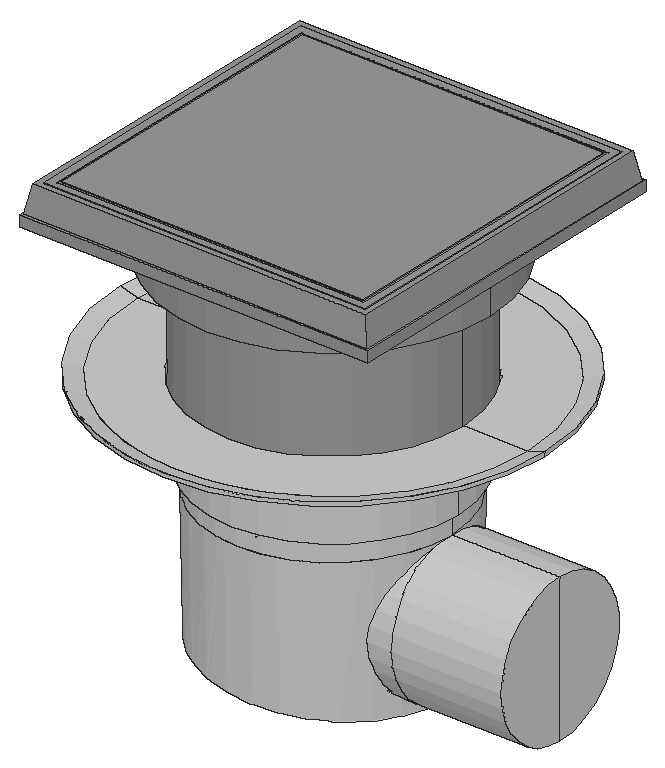
Revit family "HL_Дворовый трап серии Perfekt_HL615.1W", category Instalační zařizovací předměty, Revit 2016
Family settings
  Typ součásti = Normální
  Kóta kulaté spojky = Použít průměr
  Číslo OmniClass = 23.70.50.21.24.14
  Nadpis OmniClass = Deck Waste Water Drains
  Založené na pracovní rovině = Ne
  Vždy vertikální = Ano
  Ořezat dutým tvarem při načtení = Ne
  Sdílené = Ne
  Bod výpočtu místnosti = Ano
Parameters
  РЕШЁТКА = "Gusseisen 226 x 226 mm"
  РАЗМЕР = "DN110"
  ПРОПУСКНАЯ СПОСОБНОСТЬ [instance] = 0.0 L/s
  ПРОИЗВОДИТЕЛЬНОСТЬ = "2,5 l/s"
  ПРАВОВАЯ ИНФОРМАЦИЯ = "\"Copyright (©), design rights or any other intellectual property rights, shall be the exclusive property of HL Hutterer & Lechner GmbH. Modification is not allowed. Family has been watermarked.\""
  НОМИНАЛЬНЫЙ ДИАМЕТР = 110 mm
  НАСАДКА = "55-135mm/260x260mm Guss"
  МАТЕРИАЛ = "PP"
  МАКСИМАЛЬНАЯ НАГРУЗКА КЛАССА = "M - 12,5 t"
  ВЫСОТА МОНТАЖА = "218 mm"
  ВЕС = "12,4 kg"
  Výrobce = "HL Hutterer & Lechner GmbH"
  URL = "http://www.hutterer-lechner.com/en/products/catalog/roof-drains/HL615.1W.aspx"
  Материал плитка [instance] = none
  Připojení ventilace = no
  Připojení odpadu = yes
  Připojení HW = no
  Připojení CW = no
  Description = ""
  Model = "HL615.1W"
  Assembly Code = " "
  Type Comments = "perfect-drain DN110 horizontal with flange, 260x260mm/226x226mm cast iron with trap seal"
  Keynote = "HL615.1W"
  IH [instance] = Высота монтажа 1 + Высота монтажа 2  # 135 mm
  Высота монтажа 2 [instance] = 0 mm
  Высота монтажа 1 [instance] = 135 mm
  G [instance] = 90.00°  # constant formula
  EAN = "9003076011278"
  D [instance] = 170 mm
  C [instance] = if(IH - 68 mm < 0 mm, 0 mm, IH - 68 mm)  # 67 mm
  B [instance] = 134.4 mm + IH  # 269.4 mm
  A [instance] = if(B - 100 mm > 15 mm, B - 100 mm, 15 mm)  # 169.4 mm
Types (2, lengths in mm): name | ПРАВОВАЯ ИНФОРМАЦИЯ | URL | Description | Type Comments
  (no name) | "\"Copyright (©), design rights or any other intellectual property rights, shall be the exclusive property of HL Hutterer & Lechner GmbH. Modification is not allowed. Family has been watermarked.\"" | "http://www.hutterer-lechner.com/en/products/catalog/roof-drains/HL615.1W.aspx" | "" | "perfect-drain DN110 horizontal with flange, 260x260mm/226x226mm cast iron with trap seal"
  HL_Дворовый трап серии Perfekt_HL615.1W | "\"Авторские права(©), права на дизайн или какие либо другие права интелектуальной собственности являются исключительной собственностью компании HL Hutterer & Lechner. Изменению не подлежит. Файл семейства с данными о прозводителе изделия защищен паролем с водяным знаком.\"" | "http://www.hutterer-lechner.com/ru/products/catalog/roof-drains/HL615.1W.aspx" | "Дворовый трап серии Perfekt DN110 горизонтальный выпуск" | "Дворовый трап серии Perfekt DN110 горизонтальный с обжимным фланцем 260х260мм/226х226мм чугун с водяным затвором."
Reference planes
  plane 1 "Center (Front/Back)": y = 0
  plane 2: z = 0
  plane 3 "Center (Left/Right)": x = 0
  plane 4: z = -269.4
  plane 5: z = -135
  plane 6: z = -135
Lines and regions (mm)
  model lines, style "InvisibleLines"
    curve 1: line (0, 0, 0) -> (0, 0, 20)
  model lines, style "PlumbingFixtures", detail levels coarse+medium
    curve 2: line (0, 0, -269.4) -> (0, 0, -100)
    curve 3: line (0, 0, -100) -> (-100, 0, 0)
    curve 4: line (0, 0, -100) -> (100, 0, 0)
    curve 6: line (0, 0, -269.4) -> (170, 0, -269.4)
  reference lines, not visible
    curve 5: line (0, 0, -269.4) -> (170, 0, -269.4)
  symbolic lines, style "PlumbingFixtures", detail levels coarse+medium
    curve 7: line (-75, 75, 0) -> (75, 75, 0)
    curve 8: line (-75, -75, 0) -> (-75, 75, 0)
    curve 9: line (75, -75, 0) -> (-75, -75, 0)
    curve 10: line (75, 75, 0) -> (75, -75, 0)
    curve 11: line (-75, 75, 0) -> (-145.711, 145.711, 0)
    curve 12: line (75, 75, 0) -> (145.711, 145.711, 0)
    curve 13: line (-75, -75, 0) -> (-145.711, -145.711, 0)
    curve 14: line (75, -75, 0) -> (145.711, -145.711, 0)
  symbolic lines, style "PlumbingFixtures", not visible, detail levels coarse+medium
    curve 15: line (-75, 75, 0) -> (75, 75, 0)
    curve 16: line (-75, -75, 0) -> (-75, 75, 0)
    curve 17: line (75, -75, 0) -> (-75, -75, 0)
    curve 18: line (75, 75, 0) -> (75, -75, 0)
    curve 19: line (-75, 75, 0) -> (-145.711, 145.711, 0)
    curve 20: line (75, 75, 0) -> (145.711, 145.711, 0)
    curve 21: line (-75, -75, 0) -> (-145.711, -145.711, 0)
    curve 22: line (75, -75, 0) -> (145.711, -145.711, 0)
Text (mm)
  text "FLOOR" at (-162.344, 0, -10.979), in view "Слева"
Dimensions and locks
  "B": plane 2 to plane 4
  "IH": plane 2 to plane 5
  "A": curve 4 to plane 4
  "D": curve 5 to curve 5
  "D": curve 6 to curve 6
  "Высота монтажа 1": plane 2 to plane 6
  locked: curve 4 to plane 3 "Center (Left/Right)" (angle 45.00°)
  locked: plane 3 "Center (Left/Right)" to curve 3 (angle 45.00°)
  "G": angle curve 5 to plane 3 "Center (Left/Right)"
  aligned and locked: level to plane 2
  aligned and locked: plane 2 to curve 4
  aligned and locked: plane 2 to curve 3
  aligned and locked: plane 4 to curve 5
  aligned and locked: curve 5 to plane 3 "Center (Left/Right)"
  aligned and locked: plane 4 to curve 2
  aligned and locked: plane 3 "Center (Left/Right)" to curve 6
  aligned and locked: curve 6 to plane 4
  aligned and locked: nested 1 to plane 3 "Center (Left/Right)"
  aligned and locked: nested 1 to plane 5
  aligned and locked: plane 3 "Center (Left/Right)" to nested 2
  aligned and locked: plane 2 to nested 2
  aligned and locked: plane 3 "Center (Left/Right)" to nested 3
  aligned and locked: nested 3 to nested 2
  aligned and locked: nested 4 to plane 3 "Center (Left/Right)"
  aligned and locked: nested 4 to nested 1
Automatic sketch dimensions
  plane 3 "Center (Left/Right)" to curve 2 = 0 mm
  curve 1 to plane 3 "Center (Left/Right)" = 0 mm
  curve 1 to level = 0 mm
  level to curve 1 = 20 mm
Nested families
  nested 1: "HL-кровельные воронки - корпус-HL615K" at (0, 0, -135), type "HL-кровельные воронки - корпус-HL615K"
  nested 2: "HL-Надставные элементы-HL624" at (0, 0, 0), Высота монтажа <- "Высота монтажа 1", type "HL-Надставные элементы-HL624"
    with Высота монтажа 135 mm, a 97 mm, Ihmin 55 mm, Ihmax 135 mm
  nested 3: "HL-Песколовка-HL0606.2E" at (0, 0, -27.999), type "HL-Песколовка-HL0606.2E"
  nested 4: "HL-Вкладыш запахозапирающий-HL0605.2E" at (0, 0, -195.162), type "HL-Вкладыш запахозапирающий-HL0605.2E"
Connectors
  piping at (170, 0, -269.4), diameter 110, driven by "ПРОПУСКНАЯ СПОСОБНОСТЬ", driven by "НОМИНАЛЬНЫЙ ДИАМЕТР"
    settings: on curve 5, index 1, connector inside diameter 609.6 mm, connector length 0 mm, flow factor 0, pipe flow 0.0 L/s, pressure drop 0.0 Pa, fitting loss kfactor 0, connector angle 0.00°, fixture units 0, engagement length 0 mm, angle of deflection 0.00°, flow configuration 1, flow direction 2, fitting loss method 0, system type 16, joint type 0, gender type 0, connector reference index -1, connector utility 0, adjustable connector yes, is connector primary yes, connector description ""
Definition of nested family "HL-кровельные воронки - корпус-HL615K"
  Parameters
    РАЗМЕР = ""
    ПРАВОВАЯ ИНФОРМАЦИЯ = ""
    МАТЕРИАЛ = ""
    ВЫСОТА МОНТАЖА = ""
    ВЕС = ""
    Manufacturer = ""
    URL = ""
    Description = ""
    Model = ""
    материал = none
    Type Comments = ""
    Keynote = ""
    EAN = ""
    Cost = 0
  Types (2, lengths in mm): name | РАЗМЕР | ПРАВОВАЯ ИНФОРМАЦИЯ | МАТЕРИАЛ | ВЫСОТА МОНТАЖА | ВЕС | Manufacturer | URL | Description | Model | Type Comments | Keynote | EAN
    (no name) | "" | "" | "" | "" | "" | "" | "" | "" | "" | "" | "" | ""
    HL-кровельные воронки - корпус-HL615K | "DN110" | "\"Авторские права(©), права на дизайн или какие либо другие права интелектуальной собственности являются исключительной собственностью компании HL Hutterer & Lechner. Изменению не подлежит. Файл семейства с данными о прозводителе изделия защищен паролем с водяным знаком.\"" | "PP" | "190 mm" | "0,718 kg" | "HL Hutterer & Lechner GmbH" | "http://www.hutterer-lechner.com/ru/products/catalog/roof-drains/HL615K.aspx" | "Дворовый трап серии Perfekt DN110 горизонтальный выпуск" | "HL615K" | "Корпус дворового трапа серии Perfekt DN110 горизонтальный с обжимным фланцем." | "HL615K" | "9003076012879"
  Reference planes
    plane 1 "Střed (vpředu/vzadu)": y = 0
    plane 2: z = 0
    plane 3 "Střed (vlevo/vpravo)": x = 0
  Forms (mm)
    Revolve 1, solid, material <- "материал", detail levels fine
      sketch origin (0, 0, 16.838) x (1, 0, 0) y (0, 0, 1)
        loop
          line (-102.992, -29.032) -> (-102.992, -49.657) -> (-93.991, -49.657) -> (-93.991, -81.233) -> (-89.525, -81.233) -> (-89.525, -96.233) -> (-87.601, -206.46) -> (0, -206.46) -> (0, -142.233) -> (-85.48, -142.233) -> (-85.48, -77) -> (-90.064, -77) -> (-90.064, -42) -> (-98.519, -42) -> (-98.519, -20.158) -> (-146.118, -20.158) -> (-158.507, -16.838) -> (-158.507, -19.787) -> (-146.081, -23.116) -> (-137.541, -23.116) -> (-137.541, -29.032) -> (-102.992, -29.032)
        axis (0, -16.838) -> (0, -206.46)
      angle from 0 to 360
    Extrusion 2, void
      sketch origin (0, 0, 16.838) x (1, 0, 0) y (0, 0, 1)
        loop
          line (101.097, -207.584) -> (-103.425, -190.313) -> (-103.425, -230.313) -> (101.097, -230.313) -> (101.097, -207.584)
      from -118.5 to 100
    Revolve 3, solid, material <- "материал", detail levels fine
      sketch origin (0, 0, 16.838) x (1, 0, 0) y (0, 0, 1)
        loop
          line (170, -151.233) -> (52.576, -151.233) -> (52.576, -206.233) -> (87.576, -206.233) -> (170, -206.233) -> (170, -151.233)
        axis (52.576, -151.233) -> (170, -151.233)
      angle from 0 to 360
    Extrusion 4, void
      sketch origin (0, 0, 16.838) x (1, 0, 0) y (0, 1, 0)
        loop
          line (53.489, 64) -> (-15, 64) -> (-15, 82.049)
          arc (-15, 82.049) -> (-83.409, 0) -> (-15, -82.049) r 83.409
          line (-15, -82.049) -> (-15, -64) -> (53.489, -64)
          arc (53.489, -64) -> (83.409, 0) -> (53.489, 64) r 83.409
      from -186.135 to -66.314
    Extrusion 5, void
      sketch origin (400, 0, 16.838) x (1, 0, 0) y (0, 1, 0)
        loop
          line (-343.274, 64) -> (-415, 64) -> (-415, -64) -> (-344.352, -64)
          arc (-344.352, -64) -> (-313.891, -0.252) -> (-343.274, 64) r 83.409
      from -186.135 to -66.314
  Cuts and joins
    Extrusion 2, Extrusion 4 cuts Revolve 1
    Extrusion 2, Extrusion 5 cuts Revolve 3
  Dimensions and locks
    aligned and locked: level to plane 2
Definition of nested family "HL-Надставные элементы-HL624"
  Parameters (values of type "HL-Надставные элементы-HL624")
    РЕШЁТКА = "Guss 226x226mm"
    РАЗМЕР = "d 195mm"
    ПРАВОВАЯ ИНФОРМАЦИЯ = "\"Авторские права(©), права на дизайн или какие либо другие права интелектуальной собственности являются исключительной собственностью компании HL Hutterer & Lechner. Изменению не подлежит. Файл семейства с данными о прозводителе изделия защищен паролем с водяным знаком.\""
    НАСАДКА = "260x260mm"
    МАТЕРИАЛ = "PP"
    МАКСИМАЛЬНАЯ НАГРУЗКА КЛАССА = "B - 12,5 t (aussen)"
    ВЫСОТА МОНТАЖА = "152mm"
    ВЕС = "11,37 [kg]"
    a [instance] = if(Высота монтажа < Ihmin, -10 mm, if(Высота монтажа > Ihmax, -10 mm, Высота монтажа - 38 mm))  # 97 mm
    Manufacturer = "HL Hutterer & Lechner GmbH"
    URL = "http://www.hutterer-lechner.com/ru/products/catalog/roof-drains/HL624.aspx"
    Description = "Надставные элементы"
    Model = "HL624"
    материал = none
    Type Comments = "Насадка d 195мм/литые подрамники 260х260мм/226х226мм чугун"
    Keynote = "HL624"
    Высота монтажа [instance] = 135 mm
    Ihmin [instance] = 55 mm
    Ihmax [instance] = 135 mm
    EAN = "9003076014767"
    Cost = 0
  Values of the unnamed type that differ from the named types
    РЕШЁТКА = ""
    РАЗМЕР = ""
    ПРАВОВАЯ ИНФОРМАЦИЯ = ""
    НАСАДКА = ""
    МАТЕРИАЛ = ""
    МАКСИМАЛЬНАЯ НАГРУЗКА КЛАССА = ""
    ВЫСОТА МОНТАЖА = ""
    ВЕС = ""
    Manufacturer = ""
    URL = ""
    Description = ""
    Model = ""
    Type Comments = ""
    Keynote = ""
    EAN = ""
  Reference planes
    plane 1 "Střed (vpředu/vzadu)": y = 0
    plane 2: z = 0
    plane 3 "Střed (vlevo/vpravo)": x = 0
    plane 4: z = -58
    plane 5: z = -155
  Forms (mm)
    Extrusion 1, solid, material <- "материал", detail levels fine
      sketch origin (0, 0, 0) x (1, 0, 0) y (0, 1, 0)
        loop
          line (-112.5, 112.5) -> (-112.5, -112.5) -> (112.5, -112.5) -> (112.5, 112.5) -> (-112.5, 112.5)
      from 0 to -20
    Extrusion 2, solid, material <- "материал", detail levels fine
      sketch origin (0, 0, 0) x (1, 0, 0) y (0, 1, 0)
        loop
          line (114.5, -114.5) -> (114.5, 114.5) -> (-114.5, 114.5) -> (-114.5, -114.5) -> (114.5, -114.5)
        loop
          line (-120, 120) -> (-120, -120) -> (120, -120) -> (120, 120) -> (-120, 120)
      from 0 to -20
    Extrusion 3, solid, material <- "материал", detail levels fine
      sketch origin (0, 0, 0) x (1, 0, 0) y (0, 1, 0)
        loop
          line (120, -120) -> (120, 120) -> (-120, 120) -> (-120, -120) -> (120, -120)
      from -20 to -23
    Revolve 4, solid, material <- "материал", detail levels fine
      sketch origin (0, 0, 0) x (1, 0, 0) y (0, 0, 1)
        loop
          line (0, -28) -> (-117.877, -28) -> (-117.877, -58.2) -> (0, -58.2) -> (0, -28)
        axis (0, -58.2) -> (0, -28)
      angle from 0 to 360
    Revolve 5, solid, material <- "материал", detail levels fine
      sketch origin (0, 0, 0) x (1, 0, 0) y (0, 0, 1)
        loop
          line (0, -58) -> (0, -155) -> (97.213, -155) -> (97.213, -58) -> (0, -58)
        axis (0, -58) -> (0, -155)
      angle from 0 to 360
    Extrusion 6, solid, material <- "материал", detail levels fine
      sketch origin (0, 0, 0) x (1, 0, 0) y (0, 1, 0)
        loop
          line (130, 130) -> (-130, 130) -> (-130, -130) -> (130, -130) -> (130, 130)
      from -28 to -20
    Blend 7, solid, material <- "материал", detail levels fine
      base sketch origin (0, 0, 0) x (1, 0, 0) y (0, 1, 0)
        loop
          line (-128.315, -128.315) -> (128.315, -128.315) -> (128.315, 128.315) -> (-128.315, 128.315) -> (-128.315, -128.315)
      top sketch origin (0, 0, 0) x (1, 0, 0) y (0, 1, 0)
        loop
          line (124.788, 124.788) -> (-124.788, 124.788) -> (-124.788, -124.788) -> (124.788, -124.788) -> (124.788, 124.788)
      from -20 to 0
  Cuts and joins
    joined: Extrusion 2, Extrusion 3
  Lines and regions (mm)
    model lines, detail levels fine
      curve 1: line (10.96, 46.315, 0) -> (45.608, 80.964, 0)
      curve 2: line (56.215, 70.357, 0) -> (21.567, 35.709, 0)
      curve 3: line (35.709, 21.567, 0) -> (70.357, 56.215, 0)
      curve 4: line (80.964, 45.608, 0) -> (46.315, 10.96, 0)
      curve 5: line (92, 7.5, 0) -> (72.5, 7.5, 0)
      curve 6: line (92, -7.5, 0) -> (72.5, -7.5, 0)
      curve 7: arc (92, -7.5, 0) -> (99.5, 0, 0) -> (92, 7.5, 0) r 7.5
      curve 8: arc (72.5, -7.5, 0) -> (65, 0, 0) -> (72.5, 7.5, 0) r 7.5
      curve 9: arc (80.964, 45.608, 0) -> (80.964, 56.215, 0) -> (70.357, 56.215, 0) r 7.5
      curve 10: arc (56.215, 70.357, 0) -> (56.215, 80.964, 0) -> (45.608, 80.964, 0) r 7.5
      curve 11: arc (21.567, 35.709, 0) -> (10.96, 35.709, 0) -> (10.96, 46.315, 0) r 7.5
      curve 12: arc (46.315, 10.96, 0) -> (35.709, 10.96, 0) -> (35.709, 21.567, 0) r 7.5
      curve 13: line (7.5, 92, 0) -> (7.5, 72.5, 0)
      curve 14: line (-7.5, 92, 0) -> (-7.5, 72.5, 0)
      curve 15: arc (-7.5, 92, 0) -> (0, 99.5, 0) -> (7.5, 92, 0) r 7.5
      curve 16: arc (-7.5, 72.5, 0) -> (0, 65, 0) -> (7.5, 72.5, 0) r 7.5
      curve 17: line (7.5, -92, 0) -> (7.5, -72.5, 0)
      curve 18: line (-7.5, -92, 0) -> (-7.5, -72.5, 0)
      curve 19: arc (-7.5, -92, 0) -> (0, -99.5, 0) -> (7.5, -92, 0) r 7.5
      curve 20: arc (-7.5, -72.5, 0) -> (0, -65, 0) -> (7.5, -72.5, 0) r 7.5
      curve 21: line (92, -7.5, 0) -> (72.5, -7.5, 0)
      curve 22: line (92, 7.5, 0) -> (72.5, 7.5, 0)
      curve 23: arc (92, 7.5, 0) -> (99.5, 0, 0) -> (92, -7.5, 0) r 7.5
      curve 24: arc (72.5, 7.5, 0) -> (65, 0, 0) -> (72.5, -7.5, 0) r 7.5
      curve 25: line (-92, -7.5, 0) -> (-72.5, -7.5, 0)
      curve 26: arc (-92, -7.5, 0) -> (-99.5, 0, 0) -> (-92, 7.5, 0) r 7.5
      curve 27: arc (-72.5, -7.5, 0) -> (-65, 0, 0) -> (-72.5, 7.5, 0) r 7.5
      curve 28: line (-92, -7.5, 0) -> (-72.5, -7.5, 0)
      curve 29: line (-92, 7.5, 0) -> (-72.5, 7.5, 0)
      curve 30: arc (-92, 7.5, 0) -> (-99.5, 0, 0) -> (-92, -7.5, 0) r 7.5
      curve 31: arc (-72.5, 7.5, 0) -> (-65, 0, 0) -> (-72.5, -7.5, 0) r 7.5
      curve 32: line (-10.96, 46.315, 0) -> (-45.608, 80.964, 0)
      curve 33: line (-56.215, 70.357, 0) -> (-21.567, 35.709, 0)
      curve 34: line (-35.709, 21.567, 0) -> (-70.357, 56.215, 0)
      curve 35: line (-80.964, 45.608, 0) -> (-46.315, 10.96, 0)
      curve 36: arc (-80.964, 45.608, 0) -> (-80.964, 56.215, 0) -> (-70.357, 56.215, 0) r 7.5
      curve 37: arc (-56.215, 70.357, 0) -> (-56.215, 80.964, 0) -> (-45.608, 80.964, 0) r 7.5
      curve 38: arc (-21.567, 35.709, 0) -> (-10.96, 35.709, 0) -> (-10.96, 46.315, 0) r 7.5
      curve 39: arc (-46.315, 10.96, 0) -> (-35.709, 10.96, 0) -> (-35.709, 21.567, 0) r 7.5
      curve 40: line (10.96, -46.315, 0) -> (45.608, -80.964, 0)
      curve 41: line (56.215, -70.357, 0) -> (21.567, -35.709, 0)
      curve 42: line (35.709, -21.567, 0) -> (70.357, -56.215, 0)
      curve 43: line (80.964, -45.608, 0) -> (46.315, -10.96, 0)
      curve 44: arc (80.964, -45.608, 0) -> (80.964, -56.215, 0) -> (70.357, -56.215, 0) r 7.5
      curve 45: arc (56.215, -70.357, 0) -> (56.215, -80.964, 0) -> (45.608, -80.964, 0) r 7.5
      curve 46: arc (21.567, -35.709, 0) -> (10.96, -35.709, 0) -> (10.96, -46.315, 0) r 7.5
      curve 47: arc (46.315, -10.96, 0) -> (35.709, -10.96, 0) -> (35.709, -21.567, 0) r 7.5
      curve 48: line (-10.96, -46.315, 0) -> (-45.608, -80.964, 0)
      curve 49: line (-56.215, -70.357, 0) -> (-21.567, -35.709, 0)
      curve 50: line (-35.709, -21.567, 0) -> (-70.357, -56.215, 0)
      curve 51: line (-80.964, -45.608, 0) -> (-46.315, -10.96, 0)
      curve 52: arc (-80.964, -45.608, 0) -> (-80.964, -56.215, 0) -> (-70.357, -56.215, 0) r 7.5
      curve 53: arc (-56.215, -70.357, 0) -> (-56.215, -80.964, 0) -> (-45.608, -80.964, 0) r 7.5
      curve 54: arc (-21.567, -35.709, 0) -> (-10.96, -35.709, 0) -> (-10.96, -46.315, 0) r 7.5
      curve 55: arc (-46.315, -10.96, 0) -> (-35.709, -10.96, 0) -> (-35.709, -21.567, 0) r 7.5
  Dimensions and locks
    plane 2 to plane 4 = 58 mm
    "a": plane 4 to Revolve 5 sketch curve
    locked: plane 2 to plane 5 at 155
    aligned and locked: level to plane 2
    aligned and locked: plane 4 to Revolve 5 sketch curve
    aligned and locked: Extrusion 6 to Revolve 4
  Automatic sketch dimensions
    curve 7 to curve 23 = 0 mm  (x2)
    curve 8 to curve 24 = 0 mm  (x2)
    curve 26 to curve 30 = 0 mm  (x2)
    curve 27 to curve 31 = 0 mm  (x2)
    plane 1 "Střed (vpředu/vzadu)" to curve 26 = 0 mm
    curve 16 to plane 3 "Střed (vlevo/vpravo)" = 0 mm
    curve 20 to plane 3 "Střed (vlevo/vpravo)" = 0 mm
    plane 1 "Střed (vpředu/vzadu)" to curve 24 = 0 mm
    curve 18 to plane 3 "Střed (vlevo/vpravo)" = 7.5 mm
    curve 14 to plane 3 "Střed (vlevo/vpravo)" = 7.5 mm
    curve 32 to plane 3 "Střed (vlevo/vpravo)" = 10.96 mm
    curve 48 to plane 3 "Střed (vlevo/vpravo)" = 10.96 mm
    curve 54 to curve 54 = 5.303 mm  (x2)
    curve 38 to curve 38 = 5.303 mm  (x2)
    curve 49 to curve 54 = 5.303 mm
    curve 33 to curve 38 = 5.303 mm
    curve 34 to curve 33 = 14.142 mm
    curve 50 to curve 49 = 14.142 mm
    curve 39 to curve 34 = 5.303 mm
    curve 55 to curve 50 = 5.303 mm
    curve 48 to curve 20 = 38.108 mm
    curve 32 to curve 14 = 38.108 mm
    curve 35 to plane 1 "Střed (vpředu/vzadu)" = 10.96 mm
    curve 35 to curve 39 = 5.303 mm
    plane 1 "Střed (vpředu/vzadu)" to curve 51 = 10.96 mm
    curve 51 to curve 55 = 5.303 mm
    curve 53 to curve 48 = 5.303 mm
    curve 37 to curve 32 = 5.303 mm
    curve 49 to curve 53 = 5.303 mm
    curve 33 to curve 37 = 5.303 mm  (x2)
    curve 34 to curve 37 = 14.142 mm
    curve 50 to curve 53 = 14.142 mm
    curve 27 to curve 39 = 26.185 mm
    curve 36 to curve 34 = 5.303 mm
    curve 52 to curve 50 = 5.303 mm
    curve 35 to plane 1 "Střed (vpředu/vzadu)" = 45.608 mm
    curve 35 to curve 36 = 5.303 mm  (x2)
    plane 1 "Střed (vpředu/vzadu)" to curve 51 = 45.608 mm
    curve 51 to curve 52 = 5.303 mm
    plane 1 "Střed (vpředu/vzadu)" to curve 28 = 7.5 mm
    curve 28 to curve 25 = 19.5 mm
    plane 3 "Střed (vlevo/vpravo)" to curve 1 = 10.96 mm
    plane 3 "Střed (vlevo/vpravo)" to curve 40 = 10.96 mm
    curve 11 to curve 11 = 5.303 mm
    curve 46 to curve 46 = 5.303 mm  (x2)
    curve 11 to curve 2 = 5.303 mm
    curve 46 to curve 41 = 5.303 mm
    curve 2 to curve 3 = 14.142 mm
    curve 41 to curve 42 = 14.142 mm  (x3)
    curve 42 to curve 47 = 5.303 mm
    curve 3 to curve 12 = 5.303 mm
    curve 13 to curve 1 = 38.108 mm
    curve 17 to curve 40 = 38.108 mm
    plane 1 "Střed (vpředu/vzadu)" to curve 43 = 10.96 mm
    curve 47 to curve 43 = 5.303 mm
    curve 4 to plane 1 "Střed (vpředu/vzadu)" = 10.96 mm
    curve 12 to curve 4 = 5.303 mm
    curve 1 to curve 10 = 5.303 mm
    curve 40 to curve 45 = 5.303 mm
    curve 45 to curve 41 = 5.303 mm  (x2)
    curve 10 to curve 2 = 5.303 mm
    curve 10 to curve 3 = 14.142 mm
    curve 43 to curve 24 = 26.185 mm
    curve 42 to curve 44 = 5.303 mm
    curve 3 to curve 9 = 5.303 mm
    plane 1 "Střed (vpředu/vzadu)" to curve 43 = 45.608 mm
    curve 44 to curve 43 = 5.303 mm
    curve 4 to plane 1 "Střed (vpředu/vzadu)" = 45.608 mm
    curve 9 to curve 4 = 5.303 mm
    curve 5 to plane 1 "Střed (vpředu/vzadu)" = 7.5 mm
    curve 22 to curve 5 = 19.5 mm
    plane 1 "Střed (vpředu/vzadu)" to curve 48 = 46.315 mm
    curve 48 to curve 40 = 0 mm
    curve 52 to curve 52 = 5.303 mm
    curve 44 to curve 44 = 5.303 mm
    curve 49 to curve 50 = 14.142 mm
    curve 17 to curve 40 = 26.185 mm
    curve 53 to curve 49 = 5.303 mm
    curve 17 to curve 20 = 19.5 mm
    curve 42 to curve 47 = 10.607 mm
    curve 50 to curve 51 = 10.607 mm
    curve 4 to curve 12 = 5.303 mm
    curve 39 to curve 39 = 5.303 mm
    curve 39 to curve 33 = 14.142 mm
    curve 12 to curve 2 = 14.142 mm
    curve 2 to curve 11 = 5.303 mm
    curve 9 to curve 9 = 5.303 mm
    curve 3 to curve 2 = 14.142 mm
    curve 36 to curve 33 = 14.142 mm
    curve 11 to curve 13 = 26.185 mm
    curve 2 to curve 10 = 5.303 mm
    curve 14 to curve 14 = 19.5 mm
    Extrusion 1 sketch curve to plane 3 "Střed (vlevo/vpravo)" = 112.5 mm
    plane 3 "Střed (vlevo/vpravo)" to Extrusion 1 sketch curve = 112.5 mm
    plane 1 "Střed (vpředu/vzadu)" to Extrusion 1 sketch curve = 112.5 mm
    Extrusion 1 sketch curve to plane 1 "Střed (vpředu/vzadu)" = 112.5 mm
    Extrusion 2 sketch curve to plane 3 "Střed (vlevo/vpravo)" = 120 mm
    Extrusion 2 sketch curve to Extrusion 2 sketch curve = 5.5 mm  (x4)
    plane 3 "Střed (vlevo/vpravo)" to Extrusion 2 sketch curve = 114.5 mm
    plane 1 "Střed (vpředu/vzadu)" to Extrusion 2 sketch curve = 120 mm
    Extrusion 2 sketch curve to plane 1 "Střed (vpředu/vzadu)" = 114.5 mm
    Extrusion 3 sketch curve to plane 3 "Střed (vlevo/vpravo)" = 120 mm
    plane 3 "Střed (vlevo/vpravo)" to Extrusion 3 sketch curve = 120 mm
    plane 1 "Střed (vpředu/vzadu)" to Extrusion 3 sketch curve = 120 mm
    Extrusion 3 sketch curve to plane 1 "Střed (vpředu/vzadu)" = 120 mm
    Revolve 4 sketch curve to plane 3 "Střed (vlevo/vpravo)" = 0 mm  (x2)
    Revolve 4 sketch curve to level = 28 mm
    Revolve 4 sketch curve to plane 3 "Střed (vlevo/vpravo)" = 117.877 mm
    Revolve 4 sketch curve to plane 4 = 0.2 mm
    level to Revolve 4 sketch curve = 32 mm
    Revolve 4 sketch curve to Revolve 4 sketch curve = 90 mm
    Extrusion 6 sketch curve to plane 3 "Střed (vlevo/vpravo)" = 130 mm
    plane 3 "Střed (vlevo/vpravo)" to Extrusion 6 sketch curve = 130 mm
    plane 1 "Střed (vpředu/vzadu)" to Extrusion 6 sketch curve = 130 mm
    Extrusion 6 sketch curve to plane 1 "Střed (vpředu/vzadu)" = 130 mm
    Blend 7 sketch curve to plane 3 "Střed (vlevo/vpravo)" = 128.315 mm
    plane 3 "Střed (vlevo/vpravo)" to Blend 7 sketch curve = 128.315 mm
    plane 1 "Střed (vpředu/vzadu)" to Blend 7 sketch curve = 128.315 mm
    Blend 7 sketch curve to plane 1 "Střed (vpředu/vzadu)" = 128.315 mm
    Blend 7 sketch curve to plane 3 "Střed (vlevo/vpravo)" = 124.788 mm
    plane 3 "Střed (vlevo/vpravo)" to Blend 7 sketch curve = 124.788 mm
    plane 1 "Střed (vpředu/vzadu)" to Blend 7 sketch curve = 124.788 mm
    Blend 7 sketch curve to plane 1 "Střed (vpředu/vzadu)" = 124.788 mm
    Revolve 5 sketch curve to plane 3 "Střed (vlevo/vpravo)" = 0 mm  (x2)
    plane 3 "Střed (vlevo/vpravo)" to Revolve 5 sketch curve = 97.213 mm
    Revolve 5 sketch curve to plane 5 = 28.999 mm
    Revolve 5 sketch curve to Revolve 5 sketch curve = 140 mm
Definition of nested family "HL-Песколовка-HL0606.2E"
  Parameters (values of type "HL-Песколовка-HL0606.2E")
    ПРАВОВАЯ ИНФОРМАЦИЯ = "\"Авторские права(©), права на дизайн или какие либо другие права интелектуальной собственности являются исключительной собственностью компании HL Hutterer & Lechner. Изменению не подлежит. Файл семейства с данными о прозводителе изделия защищен паролем с водяным знаком.\""
    МАТЕРИАЛ = "PP"
    ВЕС = "0,09 kg"
    Manufacturer = "HL Hutterer & Lechner GmbH"
    URL = "http://www.hutterer-lechner.com/ru/products/catalog/roof-drains/HL0606.2E.aspx"
    Description = "Песколовка"
    Model = "HL0606.2E"
    материал = none
    Type Comments = "Песколовка"
    Keynote = "HL0606.2E"
    EAN = "9003076060627"
    Cost = 0
  Values of the unnamed type that differ from the named types
    ПРАВОВАЯ ИНФОРМАЦИЯ = ""
    МАТЕРИАЛ = ""
    ВЕС = ""
    Manufacturer = ""
    URL = ""
    Description = ""
    Model = ""
    Type Comments = ""
    Keynote = ""
    EAN = ""
  Reference planes
    plane 1 "Střed (vpředu/vzadu)": y = 0
    plane 2: z = 0
    plane 3 "Střed (vlevo/vpravo)": x = 0
  Forms (mm)
    Revolve 1, solid, material <- "материал", detail levels fine
      sketch origin (0, 0, 0) x (1, 0, 0) y (0, 0, 1)
        loop
          line (0, -55.952) -> (0, -58.018) -> (57.601, -56.006)
          arc (57.601, -56.006) -> (65.932, -53.053) -> (69.532, -44.98) r 11.208
          line (69.532, -44.98) -> (72.482, -41.586) -> (75.031, -12.448) -> (75.865, -6.515)
          arc (75.865, -6.515) -> (76.428, -5.156) -> (77.786, -4.594) r 1.921
          line (77.786, -4.594) -> (95.979, -3.002) -> (95.979, -0.001) -> (73.246, -1.99) -> (69.436, -41.391) -> (67.501, -43.326)
          arc (67.501, -43.326) -> (65.111, -51.02) -> (57.603, -53.94) r 9.273
          line (57.603, -53.94) -> (0, -55.952)
        axis (0, -58.018) -> (0, -0.001)
      angle from 0 to 360
  Dimensions and locks
    aligned and locked: level to plane 2
Definition of nested family "HL-Вкладыш запахозапирающий-HL0605.2E"
  Parameters
    ПРАВОВАЯ ИНФОРМАЦИЯ = ""
    МАТЕРИАЛ = ""
    ВЕС = ""
    Manufacturer = ""
    URL = ""
    Description = ""
    Model = ""
    материал 2 = none
    материал = none
    Type Comments = ""
    Keynote = ""
    EAN = ""
    Cost = 0
  Types (2, lengths in mm): name | ПРАВОВАЯ ИНФОРМАЦИЯ | МАТЕРИАЛ | ВЕС | Manufacturer | URL | Description | Model | Type Comments | Keynote | EAN
    (no name) | "" | "" | "" | "" | "" | "" | "" | "" | "" | ""
    HL-Вкладыш запахозапирающий-HL0605.2E | "\"Авторские права(©), права на дизайн или какие либо другие права интелектуальной собственности являются исключительной собственностью компании HL Hutterer & Lechner. Изменению не подлежит. Файл семейства с данными о прозводителе изделия защищен паролем с водяным знаком.\"" | "PP" | "0,192 kg" | "HL Hutterer & Lechner GmbH" | "http://www.hutterer-lechner.com/ru/products/catalog/roof-drains/HL0605.2E.aspx" | "Вкладыш запахозапирающий" | "HL0605.2E" | "Вкладыш водяного затвора комплектный" | "HL0605.2E" | "9003076009725"
  Reference planes
    plane 1 "Střed (vpředu/vzadu)": y = 0
    plane 2: z = 0
    plane 3 "Střed (vlevo/vpravo)": x = 0
  Forms (mm)
    Revolve 1, solid, material <- "материал 2", detail levels fine
      sketch origin (0, 0, 0) x (1, 0, 0) y (0, 0, 1)
        loop
          line (88, -3) -> (88, 0) -> (82.921, 0) -> (82.921, -1.338) -> (78.867, -6.169) -> (78.867, -19.629) -> (76.315, -48.796)
          arc (76.315, -48.796) -> (75.558, -51.125) -> (73.796, -52.827) r 5.066
          line (73.796, -52.827) -> (58.029, -61.938) -> (58.029, -93.034) -> (53.399, -98) -> (41.859, -98) -> (41.859, -83.043) -> (45.35, -83.043) -> (45.35, -33) -> (29.878, -33) -> (29.878, -100) -> (52.94, -100)
          arc (52.94, -100) -> (57.932, -97.932) -> (60, -92.939) r 7.061
          line (60, -92.939) -> (60, -65.894)
          arc (60, -65.894) -> (60.671, -63.394) -> (62.5, -61.564) r 5.003
          line (62.5, -61.564) -> (74.706, -54.511)
          arc (74.706, -54.511) -> (77.106, -52.212) -> (78.174, -49.065) r 6.994
          line (78.174, -49.065) -> (81.088, -15.754) -> (83.996, -15.499) -> (83.996, -12.378)
          arc (83.996, -12.378) -> (85.775, -10) -> (83.996, -7.623) r 2.478
          line (83.996, -7.623) -> (83.996, -3) -> (88, -3)
        axis (0, 0) -> (0, -100)
      angle from 0 to 360
    Revolve 2, solid, material <- "материал", detail levels fine
      sketch origin (0, 0, 0) x (1, 0, 0) y (0, 0, 1)
        loop
          line (47.229, -83.043) -> (47.229, -28.043)
          arc (47.229, -28.043) -> (43.63, -19.353) -> (34.94, -15.754) r 12.289
          line (34.94, -15.754) -> (0, -15.754) -> (0, -48.796) -> (45.35, -48.796) -> (45.35, -83.043) -> (47.229, -83.043)
        axis (0, -83.043) -> (0, -15.754)
      angle from 0 to 360
  Dimensions and locks
    aligned and locked: level to plane 2
